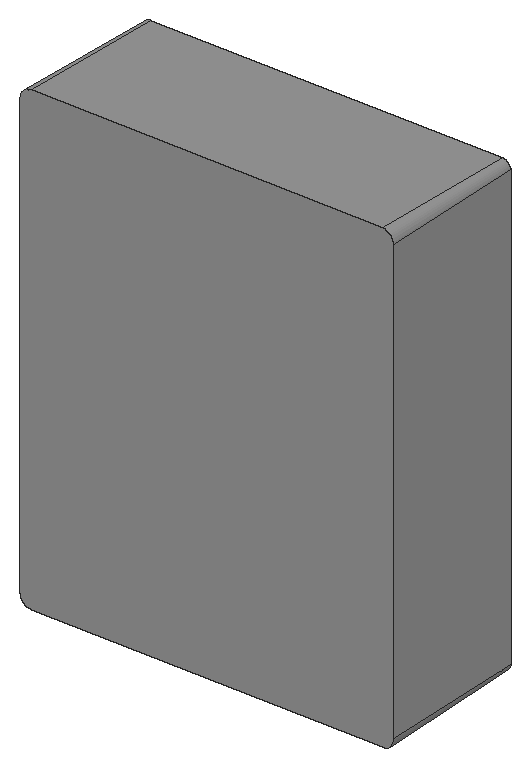
Revit family "L&L_LUCE&LIGHT_PASITO_MINI_1.2", category Lighting Fixtures, host Wall, Revit 2018 (continued)
Parameters (values of type "PASITO_MINI_1.2 – 60°")
    50 8.29 8.13 7.98 \r\n7.83 7.65 7.45 7.28 7.12 6.98 6.81 6.62 6.45 6.28 6.12 \r\n5.95 5.77 5.61 5.45 5.28 5.11 4.94 4.79 4.62 4.46 4.31 \r\n4.15 3.98 3.83 3.66 3.51 3.36 3.21 3.06 2.92 2.78 2.64 \r\n2.49 2.36 2.24 2.11 1.98 1.85 1.73 1.61 1.49 1.37 1.26 \r\n1.16 1.06 0.96 0.86 0.77 0.68 0.60 0.51 0.43 0.35 0.27 \r\n0.20 0.13 0.06 0.02 0.02 \r\n0.01 0.07 0.33 0.85 1.33 1.59 2.00 2.72 3.61 4.70 6.13 \r\n7.90 9.72 11.86 14.65 17.90 21.69 26.22 31.29 36.88 42.92 \r\n48.75 53.54 56.97 59.28 61.23 63.09 64.94 66.56 68.08 \r\n69.76 71.37 72.83 74.07 75.32 76.66 77.80 78.78 79.76 \r\n80.67 81.43 82.06 82.64 83.10 83.46 83.74 83.80 83.77 \r\n83.78 83.74 83.50 83.00 82.36 81.66 80.90 80.08 79.20 \r\n78.23 77.16 76.00 74.73 73.30 71.76 70.19 68.58 66.88 \r\n65.09 63.23 61.27 59.21 57.03 54.72 52.31 49.82 47.23 \r\n44.57 41.89 39.25 36.68 34.24 31.96 29.88 27.98 26.27 \r\n24.72 23.34 22.09 20.97 19.96 19.04 18.21 17.45 16.74 \r\n16.08 15.44 14.82 14.23 13.67 13.15 12.67 12.22 11.81 \r\n11.42 11.06 10.73 10.42 10.15 9.90 9.68 9.48 9.29 9.10 \r\n8.89 8.65 8.38 8.12 7.89 7.71 7.57 7.43 7.27 7.10 6.94 \r\n6.80 6.66 6.51 6.34 6.18 6.04 5.89 5.73 5.55 5.40 5.27 \r\n5.11 4.94 4.80 4.65 4.49 4.35 4.20 4.05 3.90 3.76 3.61 \r\n3.47 3.34 3.19 3.05 2.92 2.78 2.65 2.53 2.40 2.27 2.15 \r\n2.03 1.91 1.80 1.68 1.58 1.46 1.35 1.25 1.15 1.06 0.96 \r\n0.87 0.79 0.70 0.62 0.55 0.47 0.39 0.32 0.25 0.18 0.11 \r\n0.05 0.02 0.02 \r\n0.01 0.07 0.27 0.73 1.20 1.50 1.76 2.25 2.98 3.80 4.83 \r\n6.14 7.76 9.45 11.30 13.74 16.57 19.71 23.54 27.96 32.63 \r\n37.73 42.90 47.67 51.58 54.44 56.50 57.94 59.13 60.32 \r\n61.44 62.46 63.53 64.62 65.53 66.24 66.88 67.61 68.34 \r\n68.91 69.26 69.49 69.70 69.89 70.06 70.14 70.07 69.88 \r\n69.64 69.36 68.99 68.47 67.83 67.15 66.46 65.72 64.89 \r\n63.96 62.95 61.87 60.72 59.53 58.31 57.04 55.69 54.34 \r\n52.96 51.47 49.94 48.40 46.82 45.18 43.49 41.77 40.01 \r\n38.20 36.34 34.46 32.60 30.77 29.01 27.33 25.75 24.28 \r\n22.94 21.71 20.58 19.55 18.61 17.75 16.96 16.24 15.57 \r\n14.93 14.32 13.73 13.16 12.62 12.11 11.64 11.20 10.79 \r\n10.41 10.06 9.74 9.45 9.18 8.95 8.73 8.52 8.30 8.06 7.82 \r\n7.57 7.35 7.17 7.04 6.93 6.80 6.65 6.50 6.36 6.24 6.10 \r\n5.94 5.80 5.67 5.54 5.38 5.23 5.10 4.98 4.83 4.69 4.55 \r\n4.42 4.28 4.15 4.02 3.88 3.74 3.61 3.48 3.35 3.21 3.09 \r\n2.97 2.84 2.72 2.59 2.48 2.37 2.25 2.13 2.03 1.92 1.81 \r\n1.70 1.60 1.50 1.40 1.30 1.21 1.12 1.03 0.95 0.86 0.78 \r\n0.71 0.63 0.56 0.49 0.42 0.36 0.29 0.23 0.16 0.10 0.04 \r\n0.02 0.02 \r\n0.01 0.06 0.21 0.59 1.03 1.37 1.58 1.85 2.36 3.01 3.75 \r\n4.66 5.77 7.15 8.67 10.26 12.20 14.54 17.09 19.96 23.38 \r\n27.18 31.34 35.82 40.02 43.76 47.10 49.82 51.81 52.93 \r\n53.29 53.70 54.47 55.21 55.70 56.06 56.38 56.65 56.97 \r\n57.33 57.61 57.64 57.47 57.33 57.25 57.13 56.94 56.63 \r\n56.21 55.76 55.32 54.85 54.31 53.68 53.00 52.27 51.49 \r\n50.72 49.95 49.14 48.27 47.35 46.37 45.36 44.35 43.37 \r\n42.37 41.32 40.20 39.05 37.92 36.79 35.65 34.45 33.22 \r\n31.93 30.63 29.34 28.03 26.72 25.42 24.15 22.90 21.70 \r\n20.57 19.50 18.51 17.60 16.76 15.98 15.27 14.61 14.00 \r\n13.42 12.87 12.33 11.81 11.32 10.84 10.40 9.98 9.59 9.23 \r\n8.90 8.60 8.31 8.04 7.78 7.53 7.28 7.06 6.85 6.67 6.52 \r\n6.40 6.29 6.18 6.06 5.93 5.82 5.69 5.56 5.43 5.31 5.19 \r\n5.06 4.94 4.82 4.70 4.58 4.45 4.33 4.22 4.10 3.98 3.86 \r\n3.74 3.62 3.50 3.38 3.26 3.14 3.03 2.92 2.81 2.69 2.59 \r\n2.49 2.39 2.28 2.18 2.07 1.98 1.88 1.78 1.67 1.58 1.50 \r\n1.40 1.32 1.23 1.15 1.07 0.99 0.91 0.83 0.76 0.69 0.62 \r\n0.55 0.49 0.43 0.37 0.32 0.26 0.20 0.14 0.08 0.04 0.02 \r\n0.02 \r\n0.01 0.06 0.15 0.44 0.85 1.20 1.44 1.61 1.86 2.27 2.80 \r\n3.43 4.18 5.08 6.18 7.42 8.72 10.16 11.87 13.81 15.91 \r\n18.28 20.95 23.75 26.69 29.87 33.01 35.68 37.75 39.22 \r\n40.09 40.49 40.46 40.22 40.17 40.33 40.40 40.26 40.04 \r\n39.89 39.84 39.75 39.57 39.35 39.09 38.76 38.43 38.19 \r\n38.01 37.78 37.44 37.07 36.70 36.30 35.89 35.47 35.01 \r\n34.48 33.93 33.45 32.99 32.52 31.98 31.42 30.86 30.30 \r\n29.69 29.05 28.38 27.71 27.04 26.37 25.67 24.95 24.23 \r\n23.49 22.75 21.98 21.19 20.38 19.56 18.74 17.93 17.15 \r\n16.40 15.68 15.00 14.35 13.73 13.16 12.62 12.13 11.67 \r\n11.23 10.82 10.41 10.02 9.63 9.25 8.88 8.53 8.18 7.86 \r\n7.54 7.24 6.95 6.67 6.42 6.19 6.00 5.85 5.72 5.62 5.52 \r\n5.43 5.34 5.24 5.13 5.03 4.92 4.82 4.71 4.61 4.51 4.41 \r\n4.31 4.20 4.10 4.00 3.89 3.79 3.68 3.58 3.48 3.37 3.27 \r\n3.17 3.07 2.98 2.88 2.77 2.68 2.58 2.49 2.39 2.30 2.21 \r\n2.13 2.04 1.96 1.87 1.78 1.69 1.60 1.52 1.44 1.36 1.28 \r\n1.21 1.13 1.05 0.98 0.91 0.84 0.78 0.72 0.65 0.59 0.53 \r\n0.48 0.42 0.37 0.32 0.27 0.22 0.17 0.12 0.07 0.03 0.02 \r\n0.02 \r\n0.01 0.05 0.13 0.33 0.64 0.97 1.24 1.43 1.59 1.77 2.04 \r\n2.42 2.91 3.49 4.18 4.99 5.91 6.89 7.86 8.92 10.16 11.55 \r\n13.02 14.51 16.14 17.80 19.37 20.81 22.16 23.21 23.76 \r\n23.83 23.65 23.53 23.52 23.54 23.56 23.50 23.42 23.41 \r\n23.36 23.25 23.12 23.04 22.94 22.83 22.72 22.62 22.50 \r\n22.33 22.12 21.94 21.76 21.61 21.45 21.28 21.07 20.84 \r\n20.58 20.33 20.09 19.88 19.65 19.41 19.14 18.85 18.53 \r\n18.19 17.83 17.47 17.11 16.76 16.42 16.07 15.71 15.32 \r\n14.93 14.53 14.12 13.72 13.31 12.92 12.53 12.15 11.77 \r\n11.40 11.05 10.70 10.36 10.04 9.73 9.43 9.15 8.87 8.60 \r\n8.32 8.04 7.76 7.47 7.17 6.87 6.58 6.29 6.01 5.74 5.49 \r\n5.27 5.08 4.93 4.82 4.73 4.66 4.59 4.53 4.46 4.38 4.30 \r\n4.22 4.13 4.04 3.96 3.87 3.79 3.71 3.62 3.54 3.45 3.37 \r\n3.29 3.21 3.12 3.03 2.95 2.86 2.77 2.69 2.61 2.53 2.45 \r\n2.37 2.29 2.21 2.13 2.06 1.98 1.90 1.83 1.75 1.68 1.61 \r\n1.54 1.47 1.40 1.33 1.26 1.19 1.13 1.06 1.00 0.94 0.88 \r\n0.82 0.76 0.70 0.65 0.59 0.54 0.49 0.44 0.39 0.35 0.31 \r\n0.27 0.22 0.18 0.14 0.09 0.05 0.03 0.02 0.02 \r\n0.01 0.04 0.10 0.21 0.43 0.70 0.95 1.16 1.34 1.49 1.61 \r\n1.77 1.97 2.27 2.66 3.11 3.61 4.17 4.79 5.50 6.22 6.95 \r\n7.68 8.42 9.12 10.00 10.78 11.44 12.00 12.38 12.61 12.73 \r\n12.80 12.91 12.97 12.99 12.95 12.92 12.96 13.05 13.14 \r\n13.19 13.19 13.17 13.18 13.18 13.20 13.18 13.15 13.11 \r\n13.07 13.02 12.96 12.89 12.80 12.74 12.66 12.60 12.52 \r\n12.43 12.33 12.21 12.08 11.94 11.79 11.63 11.47 11.29 \r\n11.11 10.94 10.76 10.58 10.39 10.21 10.03 9.84 9.66 9.48 \r\n9.31 9.13 8.95 8.78 8.60 8.43 8.25 8.08 7.91 7.74 7.57 \r\n7.40 7.23 7.07 6.90 6.73 6.54 6.34 6.13 5.90 5.66 5.41 \r\n5.14 4.88 4.63 4.41 4.23 4.10 4.01 3.95 3.90 3.86 3.80 \r\n3.74 3.67 3.60 3.53 3.46 3.39 3.33 3.26 3.20 3.13 3.06 \r\n2.99 2.92 2.85 2.79 2.73 2.67 2.60 2.53 2.46 2.40 2.34 \r\n2.27 2.20 2.14 2.07 2.01 1.95 1.89 1.82 1.76 1.69 1.63 \r\n1.57 1.51 1.45 1.39 1.34 1.28 1.23 1.17 1.11 1.06 1.00 \r\n0.95 0.90 0.84 0.79 0.74 0.69 0.65 0.60 0.56 0.51 0.47 \r\n0.43 0.39 0.35 0.31 0.27 0.24 0.21 0.18 0.14 0.11 0.07 \r\n0.04 0.02 0.02 0.02 \r\n0.01 0.04 0.08 0.15 0.25 0.43 0.60 0.79 0.97 1.13 1.28 \r\n1.40 1.52 1.62 1.74 1.90 2.09 2.33 2.59 2.90 3.23 3.61 \r\n4.00 4.42 4.80 5.20 5.53 5.84 6.07 6.25 6.37 6.47 6.55 \r\n6.63 6.69 6.72 6.75 6.79 6.87 6.96 7.04 7.12 7.17 7.22 \r\n7.27 7.32 7.39 7.44 7.49 7.51 7.53 7.54 7.56 7.58 7.62 \r\n7.64 7.64 7.63 7.62 7.61 7.60 7.58 7.55 7.50 7.44 7.37 \r\n7.29 7.22 7.14 7.07 6.99 6.91 6.82 6.73 6.64 6.55 6.45 \r\n6.35 6.26 6.16 6.07 5.97 5.88 5.78 5.68 5.57 5.47 5.37 \r\n5.27 5.16 5.05 4.93 4.81 4.68 4.54 4.39 4.23 4.07 3.90 \r\n3.75 3.62 3.50 3.41 3.33 3.27 3.21 3.15 3.09 3.03 2.97 \r\n2.91 2.85 2.80 2.74 2.69 2.63 2.58 2.52 2.47 2.41 2.36 \r\n2.31 2.26 2.21 2.16 2.10 2.05 2.00 1.95 1.90 1.85 1.80 \r\n1.74 1.69 1.64 1.59 1.55 1.51 1.46 1.41 1.36 1.32 1.27 \r\n1.23 1.18 1.14 1.09 1.05 1.00 0.96 0.92 0.88 0.84 0.80 \r\n0.75 0.71 0.67 0.63 0.59 0.56 0.52 0.48 0.45 0.42 0.39 \r\n0.35 0.32 0.29 0.26 0.23 0.20 0.18 0.15 0.13 0.10 0.08 \r\n0.05 0.03 0.02 0.02 0.02 \r\n0.01 0.03 0.06 0.09 0.15 0.22 0.28 0.39 0.50 0.62 0.74 \r\n0.86 0.97 1.08 1.18 1.28 1.37 1.46 1.55 1.64 1.74 1.84 \r\n1.96 2.09 2.24 2.39 2.50 2.57 2.63 2.67 2.68 2.74 2.80 \r\n2.85 2.90 2.95 2.99 3.03 3.09 3.14 3.19 3.25 3.31 3.37 \r\n3.44 3.50 3.56 3.61 3.64 3.67 3.70 3.73 3.76 3.79 3.81 \r\n3.83 3.84 3.85 3.85 3.86 3.87 3.87 3.87 3.87 3.86 3.85 \r\n3.84 3.83 3.81 3.79 3.77 3.74 3.71 3.68 3.64 3.61 3.57 \r\n3.54 3.50 3.46 3.42 3.37 3.33 3.29 3.24 3.19 3.14 3.09 \r\n3.04 2.98 2.93 2.87 2.82 2.77 2.72 2.68 2.63 2.59 2.55 \r\n2.51 2.47 2.43 2.39 2.35 2.31 2.26 2.22 2.18 2.14 2.09 \r\n2.05 2.01 1.97 1.93 1.89 1.85 1.80 1.76 1.72 1.68 1.64 \r\n1.60 1.56 1.52 1.49 1.45 1.41 1.38 1.34 1.31 1.27 1.24 \r\n1.20 1.16 1.13 1.09 1.06 1.03 0.99 0.96 0.93 0.90 0.86 \r\n0.83 0.80 0.77 0.74 0.71 0.67 0.64 0.61 0.59 0.56 0.53 \r\n0.51 0.48 0.45 0.42 0.40 0.37 0.35 0.32 0.30 0.28 0.25 \r\n0.23 0.21 0.19 0.17 0.15 0.13 0.11 0.10 0.08 0.06 0.05 \r\n0.04 0.03 0.02 0.02 0.02 \r\n0.01 0.02 0.04 0.06 0.08 0.10 0.12 0.15 0.18 0.21 0.24 \r\n0.26 0.30 0.36 0.41 0.46 0.51 0.56 0.60 0.65 0.71 0.77 \r\n0.83 0.88 0.94 0.98 1.01 1.04 1.08 1.11 1.15 1.18 1.21 \r\n1.23 1.26 1.28 1.31 1.35 1.38 1.42 1.45 1.49 1.51 1.53 \r\n1.55 1.57 1.59 1.61 1.63 1.65 1.66 1.68 1.69 1.70 1.71 \r\n1.72 1.73 1.75 1.76 1.77 1.78 1.78 1.78 1.77 1.77 1.76 \r\n1.75 1.75 1.75 1.75 1.75 1.74 1.73 1.72 1.71 1.70 1.69 \r\n1.67 1.66 1.65 1.64 1.62 1.61 1.60 1.58 1.57 1.55 1.53 \r\n1.51 1.50 1.48 1.47 1.46 1.45 1.43 1.42 1.40 1.38 1.36 \r\n1.34 1.33 1.31 1.29 1.28 1.26 1.25 1.23 1.20 1.18 1.16 \r\n1.13 1.11 1.09 1.07 1.05 1.03 1.01 0.98 0.96 0.94 0.92 \r\n0.89 0.87 0.85 0.83 0.81 0.79 0.77 0.75 0.73 0.71 0.69 \r\n0.67 0.64 0.62 0.60 0.58 0.56 0.54 0.53 0.51 0.49 0.47 \r\n0.46 0.44 0.42 0.41 0.39 0.37 0.35 0.33 0.32 0.30 0.28 \r\n0.27 0.25 0.24 0.22 0.21 0.20 0.18 0.17 0.15 0.14 0.13 \r\n0.11 0.10 0.09 0.08 0.07 0.06 0.06 0.05 0.04 0.04 0.03 \r\n0.03 0.02 0.02 0.02 0.02 \r\n0.01 0.02 0.02 0.02 0.03 0.03 0.03 0.04 0.04 0.04 0.05 \r\n0.05 0.05 0.06 0.06 0.07 0.07 0.07 0.08 0.08 0.09 0.09 \r\n0.10 0.10 0.10 0.11 0.11 0.12 0.12 0.13 0.13 0.14 0.14 \r\n0.15 0.15 0.16 0.16 0.16 0.17 0.17 0.18 0.18 0.19 0.19 \r\n0.19 0.20 0.20 0.21 0.21 0.21 0.22 0.22 0.23 0.23 0.23 \r\n0.24 0.24 0.25 0.25 0.25 0.26 0.26 0.26 0.27 0.27 0.27 \r\n0.28 0.28 0.28 0.29 0.29 0.29 0.30 0.30 0.30 0.31 0.31 \r\n0.31 0.31 0.31 0.32 0.32 0.32 0.32 0.32 0.32 0.33 0.33 \r\n0.33 0.33 0.33 0.33 0.33 0.33 0.33 0.33 0.33 0.33 0.33 \r\n0.33 0.33 0.33 0.32 0.32 0.32 0.32 0.32 0.31 0.31 0.31 \r\n0.31 0.30 0.30 0.30 0.29 0.29 0.29 0.28 0.28 0.28 0.27 \r\n0.27 0.26 0.26 0.25 0.25 0.24 0.24 0.23 0.23 0.23 0.22 \r\n0.22 0.21 0.21 0.20 0.20 0.19 0.19 0.18 0.18 0.17 0.17 \r\n0.16 0.16 0.15 0.15 0.14 0.14 0.13 0.13 0.12 0.12 0.11 \r\n0.11 0.10 0.10 0.09 0.09 0.08 0.08 0.07 0.07 0.06 0.06 \r\n0.05 0.05 0.04 0.04 0.03 0.03 0.03 0.02 0.02 0.02 0.02 \r\n0.02 0.02 0.02 0.02 0.02 \r\n"
  MATERIAL DESCRIPTION = "body in technopolymer and aluminium"
  Lamp = "LED colour white: 2700K, 3000K, 4000K"
  LIGHT MATERIAL = LIGHT_GLASS
  LENGTH = 9.9000 cm
  ILLUMINITECHNICAL PERFORMANCE = ""
  IES PHOTOMETRIC ARCHIVE = "https://www.lucelight.it/media/prodotti/fotometrie/pasito_mini_1.2_ies.zip"
  ENERGY EFFIECIENCY CLASS = "A / A+ / A++"
  Dimming Lamp Color Temperature Shift = <None>
  URL = "https://www.lucelight.it/en/"
  built-in parameter 1150107 = 2700 (stored number, unit not read)
  Manufacturer = "L&L Luce&Light"
  built-in parameter 1150110 = 1 (stored number, unit not read)
  built-in parameter 1150109 = 1 (stored number, unit not read)
  built-in parameter 1114216 [instance] = (empty or 0)
  built-in parameter 1114218 = 1 (stored number, unit not read)
  built-in parameter 1150112 = 1 (stored number, unit not read)
  Model = "PASITO MINI 1.2"
  built-in parameter 1150137 = (empty or 0)
  built-in parameter 1150132 = (empty or 0)
  built-in parameter 1150105 = 59.103 (stored number, unit not read)
  built-in parameter 1150102 = (empty or 0)
  built-in parameter 1150106 = 0.59103 (stored number, unit not read)
  Lumens = 742.71 lm
  Color Filter = 16777215
  built-in parameter 1114217 = 1 (stored number, unit not read)
  built-in parameter 1150139 = (empty or 0)
  built-in parameter 1150104 = 13.8 (stored number, unit not read)
  built-in parameter 1150115 = 1 (stored number, unit not read)
  built-in parameter 1150114 = 1 (stored number, unit not read)
  built-in parameter 1150113 = 1 (stored number, unit not read)
  Description = "step light for outdoor applications;"
  built-in parameter 1150134 = (empty or 0)
  built-in parameter 1150138 = (empty or 0)
  BODY MATERIAL = ALUMINIUM
  BIM USER MANUAL = "https://img.edilportale.com/bim/LUCE-LIGHT-BIM-user-manual-en-L-L-Luce-Light-bim.pdf"
  BIM BADGE = "https://bim.archiproducts.com/it/badge/bim-archiproducts-featured_658700/about"
  BIM AUTHOR = "https://bim.archiproducts.com"
  built-in parameter 1150133 = 10 (stored number, unit not read)
  ACCESSORIES = ""
Reference planes (cm)
  plane 1: y = 0
  plane 2 "Centro (Sinistra/Destra)": x = 12.5
  plane 3 "Indietro": y = 7.4988
  plane 4: through (-860, 12.2836, 10.1447) normal (0, -0.829, 0.5592)
  plane 5: through (-860, 10.3585, 9.7762) normal (0, -0.5592, -0.829)
Lines and regions (cm)
  model lines, detail levels coarse
    curve 1: line (15.3237, 7.6126, 0) -> (9.8083, 13.1281, 0)
    curve 2: line (9.8154, 7.6055, 0) -> (15.3309, 13.1209, 0)
    curve 3: circle (12.566, 10.3703, 0) r 3.9 normal (0, 0, -1)
    curve 4: circle (12.5079, 7.4988, 9.5276) r 3.9 normal (0, -1, 0)
    curve 5: line (15.2656, 7.4988, 12.2853) -> (9.7502, 7.4988, 6.7699)
    curve 6: line (9.7502, 7.4988, 12.2853) -> (15.2656, 7.4988, 6.7699)
Text (cm)
  text "Placement side" at (-186.7185, 111.6779, 0), in view "Livello rif."
  text "Placement side" at (0, 127.0507, 300.1832), in view "Sinistra"
  text "Placement side" at (0, 53.0812, 299.9686), in view "Destra"
Dimensions and locks (cm)
  locked: plane 3 "Indietro" to host wall
  aligned and locked: plane 1 to host wall
  aligned and locked: nested 1 to plane 3 "Indietro"
  aligned and locked: plane 3 "Indietro" to nested 1
Nested families (cm)
  nested 1: "PASITO_STRUCTURE_1.2" at (12.5, 7.4988, -0.1003) x (-1, 0, 0) z (0, 0, 1), BODY MATERIAL <- "BODY MATERIAL", LIGHT_MATERIAL <- "LIGHT MATERIAL", type "PASITO_STRUCTURE_1.2", detail levels medium+fine
    with LIGHT_MATERIAL LIGHT_GLASS, BODY MATERIAL ALUMINIUM
Definition of nested family "PASITO_STRUCTURE_1.2"
  Parameters (values of type "PASITO_STRUCTURE_1.2")
    LIGHT_MATERIAL [instance] = none
    BODY MATERIAL [instance] = none
  Reference planes (cm)
    plane 1 "Center (Front/Back)": y = 0
    plane 2: z = 0
    plane 3 "Center (Left/Right)": x = 0
    plane 4: through (0, 2.389, 8.2953) normal (0, -0.829, -0.5592)
    plane 5: z = 14.4078
    plane 6: x = -7.848
    plane 7: x = 7.8473
    plane 8: z = 0.1
    plane 9: z = 14.3134
    plane 10: z = 0.1955
    plane 11: x = -4.55
    plane 12: x = 4.55
    plane 13: y = -4.6
    plane 14: x = -5.65
    plane 15: x = 5.65
  Forms (cm)
    Extrusion 1, solid, material <- "LIGHT_MATERIAL"
      sketch origin (0, -1.8606, 8.5366) x (0, 0.559193, -0.829038) y (-1, 0, 0)
        loop
          arc (-1.6695, 2.4405) -> (-3.0515, 0.001) -> (-1.6695, -2.4385) r 2.8441
          arc (-1.6695, -2.4385) -> (-0.2876, 0.001) -> (-1.6695, 2.4405) r 2.8441
      from -0.269 to -0.079
    Blend 2, solid, material <- "BODY MATERIAL"
      base sketch origin (-0.1279, -0.35, 0.1) x (1, 0, 0) y (0, 0, 1)
        loop
          arc (-5.2721, 14.3078) -> (-5.5196, 14.2053) -> (-5.6221, 13.9578) r 0.35
          line (-5.6221, 13.9578) -> (-5.6221, 0.3503)
          arc (-5.6221, 0.3503) -> (-5.5196, 0.1028) -> (-5.2721, 0.0003) r 0.35
          line (-5.2721, 0.0003) -> (5.5279, 0.0003)
          arc (5.5279, 0.0003) -> (5.7754, 0.1028) -> (5.8779, 0.3503) r 0.35
          line (5.8779, 0.3503) -> (5.8779, 13.9578)
          arc (5.8779, 13.9578) -> (5.7754, 14.2053) -> (5.5279, 14.3078) r 0.35
          line (5.5279, 14.3078) -> (-5.2721, 14.3078)
      top sketch origin (-0.1279, -0.35, 0.1) x (1, 0, 0) y (0, 0, 1)
        loop
          arc (-5.2721, 14.2078) -> (-5.4489, 14.1346) -> (-5.5221, 13.9578) r 0.25
          line (-5.5221, 13.9578) -> (-5.5221, 0.3464)
          arc (-5.5221, 0.3464) -> (-5.4489, 0.1696) -> (-5.2721, 0.0964) r 0.25
          line (-5.2721, 0.0964) -> (5.5279, 0.0964)
          arc (5.5279, 0.0964) -> (5.7047, 0.1696) -> (5.7779, 0.3464) r 0.25
          line (5.7779, 0.3464) -> (5.7779, 13.9578)
          arc (5.7779, 13.9578) -> (5.7047, 14.1346) -> (5.5279, 14.2078) r 0.25
          line (5.5279, 14.2078) -> (-5.2721, 14.2078)
      from -0.35 to 4.25
    Extrusion 3, void
      sketch origin (0, 0, 0) x (0, 1, 0) y (0, 0, 1)
        loop
          line (-1.861, 8.396) -> (-4.2492, 11.9367) -> (-4.2492, 9.636) -> (-4.6, 9.636) -> (-4.6, 1.1548) -> (-1.861, 8.396)
      from -4.55 to 4.55
  Cuts and joins
    Extrusion 3 cuts Blend 2
  Dimensions and locks (cm)
    plane 6 to plane 7 = 15.6954 cm
    aligned and locked: level to plane 2
